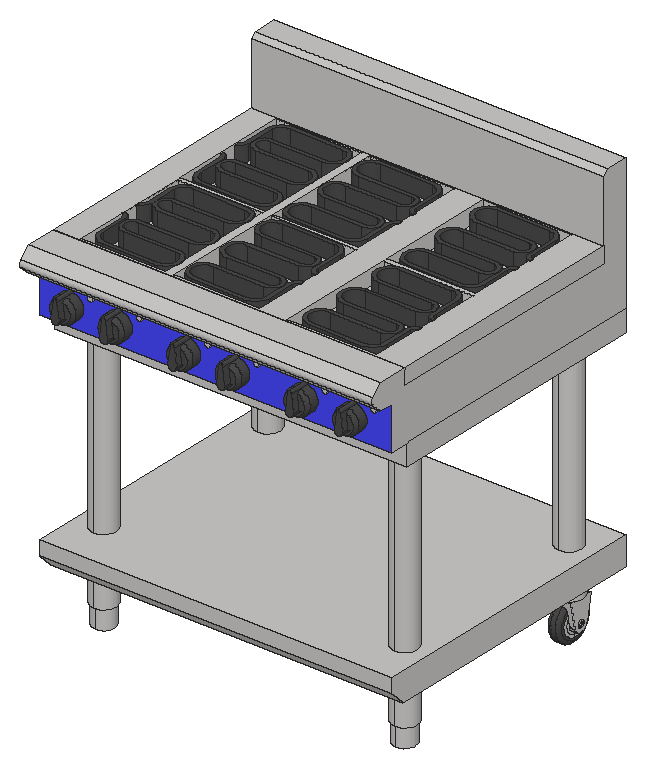
Revit family "QF_MOFFAT_BLUESEAL_CE_E516D-LS", category Specialty Equipment, Revit 2012 (continued)
Definition of nested family "ELECTRIC BURNER 900"
  Forms (mm)
    Extrusion 2, solid, material "QF_Finishes_Black"
      sketch origin (0, 15.7, 0) x (0, -1, 0) y (1, 0, 0)
        loop
          arc (528.207, 512.812) -> (519.162, 515.944) -> (513.588, 523.725) r 15.79
          line (513.588, 523.725) -> (503.282, 523.725)
          arc (503.282, 523.725) -> (511.987, 508.876) -> (528.096, 502.812) r 25.79
          line (528.096, 502.812) -> (599.304, 502.812)
          arc (599.304, 502.812) -> (617.855, 494.266) -> (624.95, 475.112) r 26.722
          line (624.95, 475.112) -> (624.95, 342.512)
          arc (624.95, 342.512) -> (597.25, 314.812) -> (569.55, 342.512) r 27.7
          line (569.55, 342.512) -> (569.55, 473.862)
          arc (569.55, 473.862) -> (541.85, 501.562) -> (514.15, 473.862) r 27.7
          line (514.15, 473.862) -> (514.15, 342.512)
          arc (514.15, 342.512) -> (486.45, 314.812) -> (458.75, 342.512) r 27.7
          line (458.75, 342.512) -> (458.75, 473.862)
          arc (458.75, 473.862) -> (431.05, 501.562) -> (403.35, 473.862) r 27.7
          line (403.35, 473.862) -> (403.35, 342.512)
          arc (403.35, 342.512) -> (375.65, 314.812) -> (347.95, 342.512) r 27.7
          line (347.95, 342.512) -> (347.95, 475.112)
          arc (347.95, 475.112) -> (355.045, 494.266) -> (373.596, 502.812) r 26.722
          line (373.596, 502.812) -> (444.804, 502.812)
          arc (444.804, 502.812) -> (460.695, 508.688) -> (469.581, 523.112) r 25.973
        loop
          line (156.993, 823.112) -> (146.6, 823.112)
          arc (146.6, 823.112) -> (140.976, 815.752) -> (132.193, 812.812) r 15.79
          line (132.193, 812.812) -> (60.914, 812.812)
          arc (60.914, 812.812) -> (35.349, 801.211) -> (25.45, 774.94) r 36.722
          line (25.45, 774.94) -> (25.45, 642.512)
          arc (25.45, 642.512) -> (63.15, 604.812) -> (100.85, 642.512) r 37.7
          line (100.85, 642.512) -> (100.85, 775.112)
          arc (100.85, 775.112) -> (118.55, 792.812) -> (136.25, 775.112) r 17.7
          line (136.25, 775.112) -> (136.25, 642.512)
          arc (136.25, 642.512) -> (173.95, 604.812) -> (211.65, 642.512) r 37.7
          line (211.65, 642.512) -> (211.65, 775.112)
          arc (211.65, 775.112) -> (229.35, 792.812) -> (247.05, 775.112) r 17.7
          line (247.05, 775.112) -> (247.05, 642.512)
          arc (247.05, 642.512) -> (284.75, 604.812) -> (322.45, 642.512) r 37.7
          line (322.45, 642.512) -> (322.45, 774.94)
          arc (322.45, 774.94) -> (312.551, 801.211) -> (286.986, 812.812) r 36.722
          line (286.986, 812.812) -> (215.719, 812.812)
          arc (215.719, 812.812) -> (206.91, 815.761) -> (201.232, 823.112) r 15.973
          line (201.232, 823.112) -> (190.819, 823.112)
          arc (190.819, 823.112) -> (199.705, 808.688) -> (215.596, 802.812) r 25.973
          line (215.596, 802.812) -> (286.804, 802.812)
          arc (286.804, 802.812) -> (305.355, 794.266) -> (312.45, 775.112) r 26.722
          line (312.45, 775.112) -> (312.45, 642.512)
          arc (312.45, 642.512) -> (284.75, 614.812) -> (257.05, 642.512) r 27.7
          line (257.05, 642.512) -> (257.05, 774.487)
          arc (257.05, 774.487) -> (229.35, 802.187) -> (201.65, 774.487) r 27.7
          line (201.65, 774.487) -> (201.65, 642.512)
          arc (201.65, 642.512) -> (173.95, 614.812) -> (146.25, 642.512) r 27.7
          line (146.25, 642.512) -> (146.25, 774.956)
          arc (146.25, 774.956) -> (118.55, 802.656) -> (90.85, 774.956) r 27.7
          line (90.85, 774.956) -> (90.85, 642.512)
          arc (90.85, 642.512) -> (63.15, 614.812) -> (35.45, 642.512) r 27.7
          line (35.45, 642.512) -> (35.45, 775.112)
          arc (35.45, 775.112) -> (42.545, 794.266) -> (61.096, 802.812) r 26.722
          line (61.096, 802.812) -> (132.304, 802.812)
          arc (132.304, 802.812) -> (148.172, 808.677) -> (156.993, 823.112) r 25.79
        loop
          line (469.581, 823.112) -> (459.168, 823.112)
          arc (459.168, 823.112) -> (453.49, 815.761) -> (444.681, 812.812) r 15.973
          line (444.681, 812.812) -> (373.414, 812.812)
          arc (373.414, 812.812) -> (347.849, 801.211) -> (337.95, 774.94) r 36.722
          line (337.95, 774.94) -> (337.95, 642.512)
          arc (337.95, 642.512) -> (375.65, 604.812) -> (413.35, 642.512) r 37.7
          line (413.35, 642.512) -> (413.35, 775.112)
          arc (413.35, 775.112) -> (431.05, 792.812) -> (448.75, 775.112) r 17.7
          line (448.75, 775.112) -> (448.75, 642.512)
          arc (448.75, 642.512) -> (486.45, 604.812) -> (524.15, 642.512) r 37.7
          line (524.15, 642.512) -> (524.15, 775.112)
          arc (524.15, 775.112) -> (541.85, 792.812) -> (559.55, 775.112) r 17.7
          line (559.55, 775.112) -> (559.55, 642.512)
          arc (559.55, 642.512) -> (597.25, 604.812) -> (634.95, 642.512) r 37.7
          line (634.95, 642.512) -> (634.95, 774.94)
          arc (634.95, 774.94) -> (625.051, 801.211) -> (599.486, 812.812) r 36.722
          line (599.486, 812.812) -> (528.207, 812.812)
          arc (528.207, 812.812) -> (519.162, 815.944) -> (513.588, 823.725) r 15.79
          line (513.588, 823.725) -> (503.282, 823.725)
          arc (503.282, 823.725) -> (511.987, 808.876) -> (528.096, 802.812) r 25.79
          line (528.096, 802.812) -> (599.304, 802.812)
          arc (599.304, 802.812) -> (617.855, 794.266) -> (624.95, 775.112) r 26.722
          line (624.95, 775.112) -> (624.95, 642.512)
          arc (624.95, 642.512) -> (597.25, 614.812) -> (569.55, 642.512) r 27.7
          line (569.55, 642.512) -> (569.55, 773.862)
          arc (569.55, 773.862) -> (541.85, 801.562) -> (514.15, 773.862) r 27.7
          line (514.15, 773.862) -> (514.15, 642.512)
          arc (514.15, 642.512) -> (486.45, 614.812) -> (458.75, 642.512) r 27.7
          line (458.75, 642.512) -> (458.75, 773.862)
          arc (458.75, 773.862) -> (431.05, 801.562) -> (403.35, 773.862) r 27.7
          line (403.35, 773.862) -> (403.35, 642.512)
          arc (403.35, 642.512) -> (375.65, 614.812) -> (347.95, 642.512) r 27.7
          line (347.95, 642.512) -> (347.95, 775.112)
          arc (347.95, 775.112) -> (355.045, 794.266) -> (373.596, 802.812) r 26.722
          line (373.596, 802.812) -> (444.804, 802.812)
          arc (444.804, 802.812) -> (460.695, 808.688) -> (469.581, 823.112) r 25.973
      from 0 to 40
  Lines and regions (mm)
    symbolic lines
      curve 1: line (246.212, -75.15, 0) -> (113.769, -75.15, 0)
      curve 2: arc (113.769, -75.15, 0) -> (86.069, -102.85, 0) -> (113.769, -130.55, 0) r 27.7
      curve 3: line (113.769, -130.55, 0) -> (246.212, -130.55, 0)
      curve 4: arc (246.212, -130.55, 0) -> (273.912, -158.25, 0) -> (246.212, -185.95, 0) r 27.7
      curve 5: line (246.212, -185.95, 0) -> (114.237, -185.95, 0)
      curve 6: arc (114.237, -185.95, 0) -> (86.537, -213.65, 0) -> (114.237, -241.35, 0) r 27.7
      curve 7: line (114.237, -241.35, 0) -> (246.212, -241.35, 0)
      curve 8: arc (246.212, -241.35, 0) -> (273.912, -269.05, 0) -> (246.212, -296.75, 0) r 27.7
      curve 9: line (246.212, -296.75, 0) -> (113.612, -296.75, 0)
      curve 10: arc (113.612, -296.75, 0) -> (94.459, -289.655, 0) -> (85.912, -271.104, 0) r 26.722
      curve 11: line (85.912, -271.104, 0) -> (85.912, -199.896, 0)
      curve 12: arc (85.912, -199.896, 0) -> (80.037, -184.005, 0) -> (65.612, -175.119, 0) r 25.973
      curve 13: line (65.612, -175.119, 0) -> (65.612, -185.532, 0)
      curve 14: arc (65.612, -185.532, 0) -> (72.964, -191.21, 0) -> (75.912, -200.019, 0) r 15.973
      curve 15: line (75.912, -200.019, 0) -> (75.912, -271.286, 0)
      curve 16: arc (75.912, -271.286, 0) -> (87.513, -296.851, 0) -> (113.784, -306.75, 0) r 36.722
      curve 17: line (113.784, -306.75, 0) -> (246.212, -306.75, 0)
      curve 18: arc (246.212, -306.75, 0) -> (283.912, -269.05, 0) -> (246.212, -231.35, 0) r 37.7
      curve 19: line (246.212, -231.35, 0) -> (113.612, -231.35, 0)
      curve 20: arc (113.612, -231.35, 0) -> (95.912, -213.65, 0) -> (113.612, -195.95, 0) r 17.7
      curve 21: line (113.612, -195.95, 0) -> (246.212, -195.95, 0)
      curve 22: arc (246.212, -195.95, 0) -> (283.912, -158.25, 0) -> (246.212, -120.55, 0) r 37.7
      curve 23: line (246.212, -120.55, 0) -> (113.612, -120.55, 0)
      curve 24: arc (113.612, -120.55, 0) -> (95.912, -102.85, 0) -> (113.612, -85.15, 0) r 17.7
      curve 25: line (113.612, -85.15, 0) -> (246.212, -85.15, 0)
      curve 26: arc (246.212, -85.15, 0) -> (283.912, -47.45, 0) -> (246.212, -9.75, 0) r 37.7
      curve 27: line (246.212, -9.75, 0) -> (113.784, -9.75, 0)
      curve 28: arc (113.784, -9.75, 0) -> (87.513, -19.649, 0) -> (75.912, -45.214, 0) r 36.722
      curve 29: line (75.912, -45.214, 0) -> (75.912, -116.493, 0)
      curve 30: arc (75.912, -116.493, 0) -> (72.972, -125.276, 0) -> (65.612, -130.9, 0) r 15.79
      curve 31: line (65.612, -130.9, 0) -> (65.612, -141.293, 0)
      curve 32: arc (65.612, -141.293, 0) -> (80.048, -132.472, 0) -> (85.912, -116.604, 0) r 25.79
      curve 33: line (85.912, -116.604, 0) -> (85.912, -45.396, 0)
      curve 34: arc (85.912, -45.396, 0) -> (94.459, -26.845, 0) -> (113.612, -19.75, 0) r 26.722
      curve 35: line (113.612, -19.75, 0) -> (246.212, -19.75, 0)
      curve 36: arc (246.212, -19.75, 0) -> (273.912, -47.45, 0) -> (246.212, -75.15, 0) r 27.7
      curve 37: line (474.956, -75.15, 0) -> (342.512, -75.15, 0)
      curve 38: arc (342.512, -75.15, 0) -> (314.812, -47.45, 0) -> (342.512, -19.75, 0) r 27.7
      curve 39: line (342.512, -19.75, 0) -> (475.112, -19.75, 0)
      curve 40: arc (475.112, -19.75, 0) -> (494.266, -26.845, 0) -> (502.812, -45.396, 0) r 26.722
      curve 41: line (502.812, -45.396, 0) -> (502.812, -116.604, 0)
      curve 42: arc (502.812, -116.604, 0) -> (508.677, -132.472, 0) -> (523.112, -141.293, 0) r 25.79
      curve 43: line (523.112, -141.293, 0) -> (523.112, -130.9, 0)
      curve 44: arc (523.112, -130.9, 0) -> (515.752, -125.276, 0) -> (512.812, -116.493, 0) r 15.79
      curve 45: line (512.812, -116.493, 0) -> (512.812, -45.214, 0)
      curve 46: arc (512.812, -45.214, 0) -> (501.211, -19.649, 0) -> (474.94, -9.75, 0) r 36.722
      curve 47: line (474.94, -9.75, 0) -> (342.512, -9.75, 0)
      curve 48: arc (342.512, -9.75, 0) -> (304.812, -47.45, 0) -> (342.512, -85.15, 0) r 37.7
      curve 49: line (342.512, -85.15, 0) -> (475.112, -85.15, 0)
      curve 50: arc (475.112, -85.15, 0) -> (492.812, -102.85, 0) -> (475.112, -120.55, 0) r 17.7
      curve 51: line (475.112, -120.55, 0) -> (342.512, -120.55, 0)
      curve 52: arc (342.512, -120.55, 0) -> (304.812, -158.25, 0) -> (342.512, -195.95, 0) r 37.7
      curve 53: line (342.512, -195.95, 0) -> (475.112, -195.95, 0)
      curve 54: arc (475.112, -195.95, 0) -> (492.812, -213.65, 0) -> (475.112, -231.35, 0) r 17.7
      curve 55: line (475.112, -231.35, 0) -> (342.512, -231.35, 0)
      curve 56: arc (342.512, -231.35, 0) -> (304.812, -269.05, 0) -> (342.512, -306.75, 0) r 37.7
      curve 57: line (342.512, -306.75, 0) -> (474.94, -306.75, 0)
      curve 58: arc (474.94, -306.75, 0) -> (501.211, -296.851, 0) -> (512.812, -271.286, 0) r 36.722
      curve 59: line (512.812, -271.286, 0) -> (512.812, -200.019, 0)
      curve 60: arc (512.812, -200.019, 0) -> (515.761, -191.21, 0) -> (523.112, -185.532, 0) r 15.973
      curve 61: line (523.112, -185.532, 0) -> (523.112, -175.119, 0)
      curve 62: arc (523.112, -175.119, 0) -> (508.688, -184.005, 0) -> (502.812, -199.896, 0) r 25.973
      curve 63: line (502.812, -199.896, 0) -> (502.812, -271.104, 0)
      curve 64: arc (502.812, -271.104, 0) -> (494.266, -289.655, 0) -> (475.112, -296.75, 0) r 26.722
      curve 65: line (475.112, -296.75, 0) -> (342.512, -296.75, 0)
      curve 66: arc (342.512, -296.75, 0) -> (314.812, -269.05, 0) -> (342.512, -241.35, 0) r 27.7
      curve 67: line (342.512, -241.35, 0) -> (474.487, -241.35, 0)
      curve 68: arc (474.487, -241.35, 0) -> (502.187, -213.65, 0) -> (474.487, -185.95, 0) r 27.7
      curve 69: line (474.487, -185.95, 0) -> (342.512, -185.95, 0)
      curve 70: arc (342.512, -185.95, 0) -> (314.812, -158.25, 0) -> (342.512, -130.55, 0) r 27.7
      curve 71: line (342.512, -130.55, 0) -> (474.956, -130.55, 0)
      curve 72: arc (474.956, -130.55, 0) -> (502.656, -102.85, 0) -> (474.956, -75.15, 0) r 27.7
      curve 73: line (774.956, -75.15, 0) -> (642.512, -75.15, 0)
      curve 74: arc (642.512, -75.15, 0) -> (614.812, -47.45, 0) -> (642.512, -19.75, 0) r 27.7
      curve 75: line (642.512, -19.75, 0) -> (775.112, -19.75, 0)
      curve 76: arc (775.112, -19.75, 0) -> (794.266, -26.845, 0) -> (802.812, -45.396, 0) r 26.722
      curve 77: line (802.812, -45.396, 0) -> (802.812, -116.604, 0)
      curve 78: arc (802.812, -116.604, 0) -> (808.677, -132.472, 0) -> (823.112, -141.293, 0) r 25.79
      curve 79: line (823.112, -141.293, 0) -> (823.112, -130.9, 0)
      curve 80: arc (823.112, -130.9, 0) -> (815.752, -125.276, 0) -> (812.812, -116.493, 0) r 15.79
      curve 81: line (812.812, -116.493, 0) -> (812.812, -45.214, 0)
      curve 82: arc (812.812, -45.214, 0) -> (801.211, -19.649, 0) -> (774.94, -9.75, 0) r 36.722
      curve 83: line (774.94, -9.75, 0) -> (642.512, -9.75, 0)
      curve 84: arc (642.512, -9.75, 0) -> (604.812, -47.45, 0) -> (642.512, -85.15, 0) r 37.7
      curve 85: line (642.512, -85.15, 0) -> (775.112, -85.15, 0)
      curve 86: arc (775.112, -85.15, 0) -> (792.812, -102.85, 0) -> (775.112, -120.55, 0) r 17.7
      curve 87: line (775.112, -120.55, 0) -> (642.512, -120.55, 0)
      curve 88: arc (642.512, -120.55, 0) -> (604.812, -158.25, 0) -> (642.512, -195.95, 0) r 37.7
      curve 89: line (642.512, -195.95, 0) -> (775.112, -195.95, 0)
      curve 90: arc (775.112, -195.95, 0) -> (792.812, -213.65, 0) -> (775.112, -231.35, 0) r 17.7
      curve 91: line (775.112, -231.35, 0) -> (642.512, -231.35, 0)
      curve 92: arc (642.512, -231.35, 0) -> (604.812, -269.05, 0) -> (642.512, -306.75, 0) r 37.7
      curve 93: line (642.512, -306.75, 0) -> (774.94, -306.75, 0)
      curve 94: arc (774.94, -306.75, 0) -> (801.211, -296.851, 0) -> (812.812, -271.286, 0) r 36.722
      curve 95: line (812.812, -271.286, 0) -> (812.812, -200.019, 0)
      curve 96: arc (812.812, -200.019, 0) -> (815.761, -191.21, 0) -> (823.112, -185.532, 0) r 15.973
      curve 97: line (823.112, -185.532, 0) -> (823.112, -175.119, 0)
      curve 98: arc (823.112, -175.119, 0) -> (808.688, -184.005, 0) -> (802.812, -199.896, 0) r 25.973
      curve 99: line (802.812, -199.896, 0) -> (802.812, -271.104, 0)
      curve 100: arc (802.812, -271.104, 0) -> (794.266, -289.655, 0) -> (775.112, -296.75, 0) r 26.722
      curve 101: line (775.112, -296.75, 0) -> (642.512, -296.75, 0)
      curve 102: arc (642.512, -296.75, 0) -> (614.812, -269.05, 0) -> (642.512, -241.35, 0) r 27.7
      curve 103: line (642.512, -241.35, 0) -> (774.487, -241.35, 0)
      curve 104: arc (774.487, -241.35, 0) -> (802.187, -213.65, 0) -> (774.487, -185.95, 0) r 27.7
      curve 105: line (774.487, -185.95, 0) -> (642.512, -185.95, 0)
      curve 106: arc (642.512, -185.95, 0) -> (614.812, -158.25, 0) -> (642.512, -130.55, 0) r 27.7
      curve 107: line (642.512, -130.55, 0) -> (774.956, -130.55, 0)
      curve 108: arc (774.956, -130.55, 0) -> (802.656, -102.85, 0) -> (774.956, -75.15, 0) r 27.7
      curve 109: line (642.512, -397.65, 0) -> (775.112, -397.65, 0)
      curve 110: arc (775.112, -397.65, 0) -> (792.812, -415.35, 0) -> (775.112, -433.05, 0) r 17.7
      curve 111: line (775.112, -433.05, 0) -> (642.512, -433.05, 0)
      curve 112: arc (642.512, -433.05, 0) -> (604.812, -470.75, 0) -> (642.512, -508.45, 0) r 37.7
      curve 113: line (642.512, -508.45, 0) -> (775.112, -508.45, 0)
      curve 114: arc (775.112, -508.45, 0) -> (792.812, -526.15, 0) -> (775.112, -543.85, 0) r 17.7
      curve 115: line (775.112, -543.85, 0) -> (642.512, -543.85, 0)
      curve 116: arc (642.512, -543.85, 0) -> (604.812, -581.55, 0) -> (642.512, -619.25, 0) r 37.7
      curve 117: line (642.512, -619.25, 0) -> (774.94, -619.25, 0)
      curve 118: arc (774.94, -619.25, 0) -> (801.211, -609.351, 0) -> (812.812, -583.786, 0) r 36.722
      curve 119: line (812.812, -583.786, 0) -> (812.812, -512.507, 0)
      curve 120: arc (812.812, -512.507, 0) -> (815.944, -503.462, 0) -> (823.725, -497.888, 0) r 15.79
      curve 121: line (823.725, -497.888, 0) -> (823.725, -487.582, 0)
      curve 122: arc (823.725, -487.582, 0) -> (808.876, -496.287, 0) -> (802.812, -512.396, 0) r 25.79
      curve 123: line (802.812, -512.396, 0) -> (802.812, -583.604, 0)
      curve 124: arc (802.812, -583.604, 0) -> (794.266, -602.155, 0) -> (775.112, -609.25, 0) r 26.722
      curve 125: line (775.112, -609.25, 0) -> (642.512, -609.25, 0)
      curve 126: arc (642.512, -609.25, 0) -> (614.812, -581.55, 0) -> (642.512, -553.85, 0) r 27.7
      curve 127: line (642.512, -553.85, 0) -> (773.862, -553.85, 0)
      curve 128: arc (773.862, -553.85, 0) -> (801.562, -526.15, 0) -> (773.862, -498.45, 0) r 27.7
      curve 129: line (773.862, -498.45, 0) -> (642.512, -498.45, 0)
      curve 130: arc (642.512, -498.45, 0) -> (614.812, -470.75, 0) -> (642.512, -443.05, 0) r 27.7
      curve 131: line (642.512, -443.05, 0) -> (773.862, -443.05, 0)
      curve 132: arc (773.862, -443.05, 0) -> (801.562, -415.35, 0) -> (773.862, -387.65, 0) r 27.7
      curve 133: line (773.862, -387.65, 0) -> (642.512, -387.65, 0)
      curve 134: arc (642.512, -387.65, 0) -> (614.812, -359.95, 0) -> (642.512, -332.25, 0) r 27.7
      curve 135: line (642.512, -332.25, 0) -> (775.112, -332.25, 0)
      curve 136: arc (775.112, -332.25, 0) -> (794.266, -339.345, 0) -> (802.812, -357.896, 0) r 26.722
      curve 137: line (802.812, -357.896, 0) -> (802.812, -429.104, 0)
      curve 138: arc (802.812, -429.104, 0) -> (808.688, -444.995, 0) -> (823.112, -453.881, 0) r 25.973
      curve 139: line (823.112, -453.881, 0) -> (823.112, -443.468, 0)
      curve 140: arc (823.112, -443.468, 0) -> (815.761, -437.79, 0) -> (812.812, -428.981, 0) r 15.973
      curve 141: line (812.812, -428.981, 0) -> (812.812, -357.714, 0)
      curve 142: arc (812.812, -357.714, 0) -> (801.211, -332.149, 0) -> (774.94, -322.25, 0) r 36.722
      curve 143: line (774.94, -322.25, 0) -> (642.512, -322.25, 0)
      curve 144: arc (642.512, -322.25, 0) -> (604.812, -359.95, 0) -> (642.512, -397.65, 0) r 37.7
      curve 145: line (342.512, -397.65, 0) -> (475.112, -397.65, 0)
      curve 146: arc (475.112, -397.65, 0) -> (492.812, -415.35, 0) -> (475.112, -433.05, 0) r 17.7
      curve 147: line (475.112, -433.05, 0) -> (342.512, -433.05, 0)
      curve 148: arc (342.512, -433.05, 0) -> (304.812, -470.75, 0) -> (342.512, -508.45, 0) r 37.7
      curve 149: line (342.512, -508.45, 0) -> (475.112, -508.45, 0)
      curve 150: arc (475.112, -508.45, 0) -> (492.812, -526.15, 0) -> (475.112, -543.85, 0) r 17.7
      curve 151: line (475.112, -543.85, 0) -> (342.512, -543.85, 0)
      curve 152: arc (342.512, -543.85, 0) -> (304.812, -581.55, 0) -> (342.512, -619.25, 0) r 37.7
      curve 153: line (342.512, -619.25, 0) -> (474.94, -619.25, 0)
      curve 154: arc (474.94, -619.25, 0) -> (501.211, -609.351, 0) -> (512.812, -583.786, 0) r 36.722
      curve 155: line (512.812, -583.786, 0) -> (512.812, -512.507, 0)
      curve 156: arc (512.812, -512.507, 0) -> (515.944, -503.462, 0) -> (523.725, -497.888, 0) r 15.79
      curve 157: line (523.725, -497.888, 0) -> (523.725, -487.582, 0)
      curve 158: arc (523.725, -487.582, 0) -> (508.876, -496.287, 0) -> (502.812, -512.396, 0) r 25.79
      curve 159: line (502.812, -512.396, 0) -> (502.812, -583.604, 0)
      curve 160: arc (502.812, -583.604, 0) -> (494.266, -602.155, 0) -> (475.112, -609.25, 0) r 26.722
      curve 161: line (475.112, -609.25, 0) -> (342.512, -609.25, 0)
      curve 162: arc (342.512, -609.25, 0) -> (314.812, -581.55, 0) -> (342.512, -553.85, 0) r 27.7
      curve 163: line (342.512, -553.85, 0) -> (473.862, -553.85, 0)
      curve 164: arc (473.862, -553.85, 0) -> (501.562, -526.15, 0) -> (473.862, -498.45, 0) r 27.7
      curve 165: line (473.862, -498.45, 0) -> (342.512, -498.45, 0)
      curve 166: arc (342.512, -498.45, 0) -> (314.812, -470.75, 0) -> (342.512, -443.05, 0) r 27.7
      curve 167: line (342.512, -443.05, 0) -> (473.862, -443.05, 0)
      curve 168: arc (473.862, -443.05, 0) -> (501.562, -415.35, 0) -> (473.862, -387.65, 0) r 27.7
      curve 169: line (473.862, -387.65, 0) -> (342.512, -387.65, 0)
      curve 170: arc (342.512, -387.65, 0) -> (314.812, -359.95, 0) -> (342.512, -332.25, 0) r 27.7
      curve 171: line (342.512, -332.25, 0) -> (475.112, -332.25, 0)
      curve 172: arc (475.112, -332.25, 0) -> (494.266, -339.345, 0) -> (502.812, -357.896, 0) r 26.722
      curve 173: line (502.812, -357.896, 0) -> (502.812, -429.104, 0)
      curve 174: arc (502.812, -429.104, 0) -> (508.688, -444.995, 0) -> (523.112, -453.881, 0) r 25.973
      curve 175: line (523.112, -453.881, 0) -> (523.112, -443.468, 0)
      curve 176: arc (523.112, -443.468, 0) -> (515.761, -437.79, 0) -> (512.812, -428.981, 0) r 15.973
      curve 177: line (512.812, -428.981, 0) -> (512.812, -357.714, 0)
      curve 178: arc (512.812, -357.714, 0) -> (501.211, -332.149, 0) -> (474.94, -322.25, 0) r 36.722
      curve 179: line (474.94, -322.25, 0) -> (342.512, -322.25, 0)
      curve 180: arc (342.512, -322.25, 0) -> (304.812, -359.95, 0) -> (342.512, -397.65, 0) r 37.7
      curve 181: line (246.212, -387.65, 0) -> (114.862, -387.65, 0)
      curve 182: arc (114.862, -387.65, 0) -> (87.162, -415.35, 0) -> (114.862, -443.05, 0) r 27.7
      curve 183: line (114.862, -443.05, 0) -> (246.212, -443.05, 0)
      curve 184: arc (246.212, -443.05, 0) -> (273.912, -470.75, 0) -> (246.212, -498.45, 0) r 27.7
      curve 185: line (246.212, -498.45, 0) -> (114.862, -498.45, 0)
      curve 186: arc (114.862, -498.45, 0) -> (87.162, -526.15, 0) -> (114.862, -553.85, 0) r 27.7
      curve 187: line (114.862, -553.85, 0) -> (246.212, -553.85, 0)
      curve 188: arc (246.212, -553.85, 0) -> (273.912, -581.55, 0) -> (246.212, -609.25, 0) r 27.7
      curve 189: line (246.212, -609.25, 0) -> (113.612, -609.25, 0)
      curve 190: arc (113.612, -609.25, 0) -> (94.459, -602.155, 0) -> (85.912, -583.604, 0) r 26.722
      curve 191: line (85.912, -583.604, 0) -> (85.912, -512.396, 0)
      curve 192: arc (85.912, -512.396, 0) -> (79.848, -496.287, 0) -> (65, -487.582, 0) r 25.79
      curve 193: line (65, -487.582, 0) -> (65, -497.888, 0)
      curve 194: arc (65, -497.888, 0) -> (72.781, -503.462, 0) -> (75.912, -512.507, 0) r 15.79
      curve 195: line (75.912, -512.507, 0) -> (75.912, -583.786, 0)
      curve 196: arc (75.912, -583.786, 0) -> (87.513, -609.351, 0) -> (113.784, -619.25, 0) r 36.722
      curve 197: line (113.784, -619.25, 0) -> (246.212, -619.25, 0)
      curve 198: arc (246.212, -619.25, 0) -> (283.912, -581.55, 0) -> (246.212, -543.85, 0) r 37.7
      curve 199: line (246.212, -543.85, 0) -> (113.612, -543.85, 0)
      curve 200: arc (113.612, -543.85, 0) -> (95.912, -526.15, 0) -> (113.612, -508.45, 0) r 17.7
      curve 201: line (113.612, -508.45, 0) -> (246.212, -508.45, 0)
      curve 202: arc (246.212, -508.45, 0) -> (283.912, -470.75, 0) -> (246.212, -433.05, 0) r 37.7
      curve 203: line (246.212, -433.05, 0) -> (113.612, -433.05, 0)
      curve 204: arc (113.612, -433.05, 0) -> (95.912, -415.35, 0) -> (113.612, -397.65, 0) r 17.7
      curve 205: line (113.612, -397.65, 0) -> (246.212, -397.65, 0)
      curve 206: arc (246.212, -397.65, 0) -> (283.912, -359.95, 0) -> (246.212, -322.25, 0) r 37.7
      curve 207: line (246.212, -322.25, 0) -> (113.784, -322.25, 0)
      curve 208: arc (113.784, -322.25, 0) -> (87.513, -332.149, 0) -> (75.912, -357.714, 0) r 36.722
      curve 209: line (75.912, -357.714, 0) -> (75.912, -428.981, 0)
      curve 210: arc (75.912, -428.981, 0) -> (72.964, -437.79, 0) -> (65.612, -443.468, 0) r 15.973
      curve 211: line (65.612, -443.468, 0) -> (65.612, -453.881, 0)
      curve 212: arc (65.612, -453.881, 0) -> (80.037, -444.995, 0) -> (85.912, -429.104, 0) r 25.973
      curve 213: line (85.912, -429.104, 0) -> (85.912, -357.896, 0)
      curve 214: arc (85.912, -357.896, 0) -> (94.459, -339.345, 0) -> (113.612, -332.25, 0) r 26.722
      curve 215: line (113.612, -332.25, 0) -> (246.212, -332.25, 0)
      curve 216: arc (246.212, -332.25, 0) -> (273.912, -359.95, 0) -> (246.212, -387.65, 0) r 27.7
      curve 217: line (0, 0, 0) -> (0, -635, 0)
      curve 218: line (0, -635, 0) -> (900, -635, 0)
      curve 219: line (900, -635, 0) -> (900, 0, 0)
      curve 220: line (900, 0, 0) -> (0, 0, 0)
      curve 221: line (65.8, -312.651, 0) -> (65.8, -5, 0)
      curve 222: line (65.8, -5, 0) -> (284.362, -5, 0)
      curve 223: line (284.362, -5, 0) -> (284.362, -312.651, 0)
      curve 224: line (284.362, -312.651, 0) -> (65.8, -312.651, 0)
      curve 225: line (304.362, -312.651, 0) -> (304.362, -5, 0)
      curve 226: line (304.362, -5, 0) -> (523.112, -5, 0)
      curve 227: line (523.112, -5, 0) -> (523.112, -312.651, 0)
      curve 228: line (523.112, -312.651, 0) -> (304.362, -312.651, 0)
      curve 229: line (594.362, -312.651, 0) -> (594.362, -5, 0)
      curve 230: line (594.362, -5, 0) -> (823.112, -5, 0)
      curve 231: line (823.112, -5, 0) -> (823.112, -312.651, 0)
      curve 232: line (823.112, -312.651, 0) -> (594.362, -312.651, 0)
      curve 233: line (823.112, -320.251, 0) -> (823.112, -630, 0)
      curve 234: line (823.112, -630, 0) -> (594.362, -630, 0)
      curve 235: line (594.362, -630, 0) -> (594.362, -320.251, 0)
      curve 236: line (594.362, -320.251, 0) -> (823.112, -320.251, 0)
      curve 237: line (523.112, -320.251, 0) -> (523.112, -630, 0)
      curve 238: line (523.112, -630, 0) -> (304.362, -630, 0)
      curve 239: line (304.362, -630, 0) -> (304.362, -320.251, 0)
      curve 240: line (304.362, -320.251, 0) -> (523.112, -320.251, 0)
      curve 241: line (284.362, -320.251, 0) -> (284.362, -630, 0)
      curve 242: line (284.362, -630, 0) -> (65.8, -630, 0)
      curve 243: line (65.8, -630, 0) -> (65.8, -320.251, 0)
      curve 244: line (65.8, -320.251, 0) -> (284.362, -320.251, 0)
  Dimensions and locks
    equal spacing: plane 3 "LEFT", plane 7 "Center Y", plane 4 "RIGHT"
    "Width": plane 3 "LEFT" to plane 4 "RIGHT"
    equal spacing: plane 5 "FRONT", plane 8 "Center X", plane 1 "BACK"
    "Depth": plane 5 "FRONT" to plane 1 "BACK"
    aligned and locked: level to plane 2
  Automatic sketch dimensions
    plane 1 "BACK" to Extrusion 1 sketch curve = 0 mm
    Extrusion 1 sketch curve to plane 9 = 0 mm  (x2)
    Extrusion 1 sketch curve to plane 3 "LEFT" = 0 mm
    plane 5 "FRONT" to Extrusion 1 sketch curve = 0 mm
    Extrusion 1 sketch curve to plane 4 "RIGHT" = 0 mm
    plane 1 "BACK" to Extrusion 1 sketch curve = 5 mm  (x3)
    plane 8 "Center X" to Extrusion 1 sketch curve = 4.849 mm  (x3)
    Extrusion 1 sketch curve to plane 8 "Center X" = 2.751 mm  (x3)
    Extrusion 1 sketch curve to plane 5 "FRONT" = 5 mm  (x3)
    Extrusion 1 sketch curve to plane 7 "Center Y" = 165.638 mm
    Extrusion 1 sketch curve to Extrusion 1 sketch curve = 0 mm  (x3)
    Extrusion 1 sketch curve to Extrusion 1 sketch curve = 20 mm
    plane 7 "Center Y" to Extrusion 1 sketch curve = 73.112 mm  (x2)
    Extrusion 1 sketch curve to Extrusion 1 sketch curve = 71.25 mm  (x2)
    plane 4 "RIGHT" to Extrusion 1 sketch curve = 76.888 mm
    Extrusion 2 sketch curve to Extrusion 2 sketch curve = 0 mm  (x110)
    plane 1 "BACK" to Extrusion 2 sketch curve = 9.75 mm  (x3)
    Extrusion 2 sketch curve to Extrusion 2 sketch curve = 10 mm  (x6)
    plane 1 "BACK" to Extrusion 2 sketch curve = 45.214 mm  (x3)
    Extrusion 2 sketch curve to Extrusion 2 sketch curve = 0.182 mm  (x12)
    Extrusion 2 sketch curve to Extrusion 2 sketch curve = 26.704 mm  (x11)
    Extrusion 2 sketch curve to Extrusion 2 sketch curve = 27.7 mm  (x20)
    Extrusion 2 sketch curve to Extrusion 2 sketch curve = 17.7 mm  (x12)
    Extrusion 2 sketch curve to Extrusion 2 sketch curve = 4.457 mm  (x3)
    Extrusion 2 sketch curve to Extrusion 2 sketch curve = 0.4 mm  (x5)
    Extrusion 2 sketch curve to Extrusion 2 sketch curve = 0.111 mm  (x6)
    Extrusion 2 sketch curve to Extrusion 2 sketch curve = 14.806 mm  (x3)
    Extrusion 2 sketch curve to Extrusion 2 sketch curve = 10.393 mm  (x3)
    Extrusion 2 sketch curve to Extrusion 2 sketch curve = 33.826 mm  (x3)
    Extrusion 2 sketch curve to Extrusion 2 sketch curve = 10.413 mm  (x6)
    Extrusion 2 sketch curve to Extrusion 2 sketch curve = 14.364 mm  (x3)
    Extrusion 2 sketch curve to Extrusion 2 sketch curve = 0.123 mm  (x6)
    Extrusion 2 sketch curve to Extrusion 2 sketch curve = 14.934 mm  (x4)
    Extrusion 2 sketch curve to Extrusion 2 sketch curve = 0.447 mm  (x5)
    Extrusion 2 sketch curve to Extrusion 2 sketch curve = 1.058 mm  (x7)
    Extrusion 2 sketch curve to plane 8 "Center X" = 4.75 mm  (x3)
    Extrusion 2 sketch curve to plane 8 "Center X" = 40.214 mm  (x3)
    Extrusion 2 sketch curve to Extrusion 2 sketch curve = 4.516 mm  (x3)
    Extrusion 2 sketch curve to Extrusion 2 sketch curve = 33.7 mm  (x3)
    Extrusion 2 sketch curve to Extrusion 2 sketch curve = 10.306 mm  (x3)
    Extrusion 2 sketch curve to Extrusion 2 sketch curve = 14.508 mm  (x3)
    Extrusion 2 sketch curve to Extrusion 2 sketch curve = 15.019 mm
    plane 3 "LEFT" to Extrusion 2 sketch curve = 59.946 mm  (x2)
    plane 3 "LEFT" to Extrusion 2 sketch curve = 60.128 mm  (x2)
    Extrusion 2 sketch curve to Extrusion 2 sketch curve = 4.872 mm
    Extrusion 2 sketch curve to Extrusion 2 sketch curve = 5.484 mm
    Extrusion 2 sketch curve to Extrusion 2 sketch curve = 5.667 mm  (x2)
    Extrusion 2 sketch curve to Extrusion 2 sketch curve = 26.701 mm  (x4)
    Extrusion 2 sketch curve to Extrusion 2 sketch curve = 0.999 mm  (x6)
    Extrusion 2 sketch curve to Extrusion 2 sketch curve = 0.156 mm  (x3)
    Extrusion 2 sketch curve to Extrusion 2 sketch curve = 0.625 mm  (x3)
    Extrusion 2 sketch curve to Extrusion 2 sketch curve = 1.25 mm  (x6)
    Extrusion 2 sketch curve to Extrusion 2 sketch curve = 132.428 mm
    Extrusion 2 sketch curve to Extrusion 2 sketch curve = 132.6 mm
    Extrusion 2 sketch curve to Extrusion 2 sketch curve = 96.3 mm  (x3)
    plane 7 "Center Y" to Extrusion 2 sketch curve = 23.862 mm  (x2)
    plane 7 "Center Y" to Extrusion 2 sketch curve = 24.487 mm
    plane 7 "Center Y" to Extrusion 2 sketch curve = 24.94 mm  (x3)
    plane 7 "Center Y" to Extrusion 2 sketch curve = 24.956 mm
    Extrusion 2 sketch curve to Extrusion 2 sketch curve = 0.172 mm  (x8)
    plane 7 "Center Y" to Extrusion 2 sketch curve = 26.111 mm  (x4)
    Extrusion 2 sketch curve to Extrusion 2 sketch curve = 129.7 mm  (x2)
    plane 4 "RIGHT" to Extrusion 2 sketch curve = 126.138 mm
    plane 4 "RIGHT" to Extrusion 2 sketch curve = 125.513 mm
    Extrusion 2 sketch curve to Extrusion 2 sketch curve = 0.453 mm
    plane 4 "RIGHT" to Extrusion 2 sketch curve = 125.06 mm
    Extrusion 2 sketch curve to Extrusion 2 sketch curve = 1.078 mm
    Extrusion 2 sketch curve to Extrusion 2 sketch curve = 0.016 mm
    curve 4 to curve 22 = 0 mm  (x2)
    curve 8 to curve 18 = 0 mm  (x2)
    curve 10 to curve 16 = 0 mm  (x2)
    curve 12 to curve 14 = 0 mm  (x2)
    curve 26 to curve 36 = 0 mm  (x2)
    curve 28 to curve 34 = 0 mm  (x2)
    curve 30 to curve 32 = 0 mm  (x2)
    plane 3 "LEFT" to curve 14 = 59.946 mm
    plane 3 "LEFT" to curve 32 = 60.128 mm
    curve 12 to curve 14 = 5.667 mm
    curve 30 to curve 32 = 5.484 mm
    curve 30 to curve 30 = 15.784 mm
    plane 8 "Center X" to curve 16 = 46.214 mm
    curve 12 to curve 16 = 15.967 mm
    curve 14 to curve 11 = 10 mm
    curve 29 to curve 32 = 10 mm
    curve 33 to curve 34 = 26.701 mm
    curve 11 to curve 10 = 26.701 mm
    curve 10 to curve 9 = 0.999 mm
    curve 33 to curve 24 = 27.7 mm
    curve 28 to curve 35 = 0.999 mm
    curve 12 to curve 21 = 27.7 mm
    curve 25 to curve 1 = 0.156 mm
    curve 35 to curve 27 = 0.172 mm
    curve 10 to curve 16 = 0.172 mm
    curve 20 to curve 7 = 0.625 mm
    curve 10 to curve 8 = 133.599 mm
    curve 25 to curve 25 = 132.6 mm
    curve 23 to curve 25 = 0 mm
    plane 8 "Center X" to curve 8 = 20.75 mm
    curve 16 to curve 10 = 10 mm
    curve 8 to curve 18 = 27.7 mm
    curve 19 to curve 6 = 17.7 mm
    curve 20 to curve 6 = 0 mm
    curve 12 to curve 20 = 4.516 mm
    curve 12 to curve 14 = 0.447 mm
    curve 14 to curve 12 = 0.123 mm
    curve 4 to curve 4 = 27.7 mm
    curve 12 to curve 32 = 33.826 mm
    curve 32 to curve 31 = 10.393 mm
    curve 30 to curve 33 = 14.296 mm
    curve 23 to curve 2 = 17.7 mm
    curve 24 to curve 2 = 0 mm
    curve 1 to curve 26 = 27.7 mm
    curve 34 to curve 34 = 26.704 mm
    curve 38 to curve 48 = 0 mm  (x2)
    curve 40 to curve 46 = 0 mm  (x2)
    curve 42 to curve 44 = 0 mm  (x2)
    curve 52 to curve 70 = 0 mm  (x2)
    curve 56 to curve 66 = 0 mm  (x2)
    curve 58 to curve 64 = 0 mm  (x2)
    curve 60 to curve 62 = 0 mm  (x2)
    plane 8 "Center X" to curve 66 = 20.75 mm
    curve 8 to curve 66 = 96.3 mm
    curve 36 to curve 37 = 96.3 mm
    curve 53 to curve 56 = 0 mm
    plane 7 "Center Y" to curve 68 = 24.487 mm
    plane 1 "BACK" to curve 47 = 9.75 mm
    plane 7 "Center Y" to curve 47 = 24.94 mm
    plane 7 "Center Y" to curve 58 = 24.94 mm
    plane 7 "Center Y" to curve 72 = 24.956 mm
    curve 67 to curve 54 = 0.625 mm
    curve 71 to curve 51 = 0.156 mm
    curve 47 to curve 39 = 0.172 mm
    curve 57 to curve 65 = 0.172 mm
    plane 7 "Center Y" to curve 58 = 26.111 mm
    plane 7 "Center Y" to curve 40 = 26.111 mm
    curve 40 to curve 40 = 26.701 mm
    curve 53 to curve 62 = 27.7 mm
    curve 40 to curve 46 = 10 mm
    curve 63 to curve 58 = 10 mm
    curve 44 to curve 43 = 10.3 mm
    curve 59 to curve 61 = 10.3 mm
    curve 43 to curve 42 = 5.484 mm
    curve 59 to curve 60 = 15.967 mm
    curve 57 to curve 65 = 10 mm
    curve 64 to curve 58 = 25.464 mm
    curve 65 to curve 56 = 27.7 mm
    curve 55 to curve 68 = 17.7 mm
    curve 68 to curve 54 = 0 mm
    curve 62 to curve 53 = 4.516 mm
    curve 60 to curve 59 = 0.447 mm
    curve 59 to curve 63 = 0.123 mm
    curve 70 to curve 52 = 27.7 mm
    curve 62 to curve 42 = 33.826 mm
    curve 42 to curve 43 = 10.393 mm
    curve 43 to curve 41 = 14.296 mm
    curve 50 to curve 50 = 17.7 mm
    curve 72 to curve 50 = 0 mm
    curve 46 to curve 40 = 26.704 mm
    curve 74 to curve 84 = 0 mm  (x2)
    curve 76 to curve 82 = 0 mm  (x2)
    curve 78 to curve 80 = 0 mm  (x2)
    curve 88 to curve 106 = 0 mm  (x2)
    curve 92 to curve 102 = 0 mm  (x2)
    curve 94 to curve 100 = 0 mm  (x2)
    curve 96 to curve 98 = 0 mm  (x2)
    curve 42 to curve 107 = 113.916 mm
    curve 73 to curve 88 = 0 mm
    curve 103 to curve 89 = 0 mm
    plane 4 "RIGHT" to curve 105 = 125.513 mm
    plane 8 "Center X" to curve 94 = 10.75 mm
    curve 103 to curve 94 = 0.453 mm
    plane 1 "BACK" to curve 82 = 9.75 mm
    plane 4 "RIGHT" to curve 82 = 125.06 mm
    curve 104 to curve 108 = 0.469 mm
    curve 103 to curve 90 = 0.625 mm
    curve 73 to curve 85 = 0.156 mm
    curve 83 to curve 75 = 0.172 mm
    curve 94 to curve 100 = 0.172 mm
    curve 75 to curve 76 = 0.999 mm
    curve 100 to curve 94 = 0.999 mm
    curve 76 to curve 77 = 26.701 mm
    curve 89 to curve 98 = 27.7 mm
    curve 76 to curve 82 = 10 mm
    curve 99 to curve 95 = 10 mm
    curve 80 to curve 78 = 10.3 mm
    curve 95 to curve 96 = 10.3 mm
    curve 79 to curve 78 = 5.484 mm
    curve 97 to curve 98 = 5.667 mm
    curve 93 to curve 102 = 10 mm
    curve 100 to curve 95 = 25.464 mm
    curve 101 to curve 102 = 27.7 mm
    curve 91 to curve 90 = 17.7 mm
    curve 104 to curve 90 = 0 mm
    curve 98 to curve 89 = 4.516 mm
    curve 96 to curve 96 = 0.447 mm
    curve 95 to curve 99 = 0.123 mm
    curve 106 to curve 106 = 27.7 mm
    curve 98 to curve 79 = 33.826 mm
    curve 78 to curve 79 = 10.393 mm
    curve 79 to curve 78 = 14.296 mm
    curve 87 to curve 108 = 17.7 mm
    curve 108 to curve 86 = 0 mm
    curve 76 to curve 75 = 26.704 mm
    curve 112 to curve 130 = 0 mm  (x2)
    curve 116 to curve 126 = 0 mm  (x2)
    curve 118 to curve 124 = 0 mm  (x2)
    curve 120 to curve 122 = 0 mm  (x2)
    curve 134 to curve 144 = 0 mm  (x2)
    curve 136 to curve 142 = 0 mm  (x2)
    curve 138 to curve 140 = 0 mm  (x2)
    curve 144 to curve 92 = 0 mm
    curve 131 to curve 109 = 0 mm
    curve 127 to curve 112 = 0 mm
    plane 4 "RIGHT" to curve 131 = 126.138 mm
    curve 128 to curve 131 = 0 mm
    curve 142 to plane 8 "Center X" = 4.75 mm
    curve 142 to curve 93 = 0 mm
    curve 117 to plane 5 "FRONT" = 15.75 mm
    curve 127 to curve 117 = 1.078 mm
    curve 117 to curve 124 = 0.172 mm
    curve 143 to curve 136 = 0.172 mm
    curve 132 to curve 110 = 1.25 mm
    curve 129 to curve 113 = 1.25 mm
    curve 124 to curve 118 = 0.999 mm
    curve 135 to curve 136 = 0.999 mm
    curve 113 to curve 122 = 27.7 mm
    curve 110 to curve 137 = 27.7 mm
    curve 138 to curve 140 = 10 mm
    curve 122 to curve 120 = 10 mm
    curve 141 to curve 138 = 10.3 mm
    curve 119 to curve 121 = 10.912 mm
    curve 120 to curve 122 = 15.784 mm
    curve 140 to curve 140 = 15.967 mm
    curve 117 to curve 126 = 10 mm
    curve 124 to curve 119 = 25.464 mm
    curve 125 to curve 126 = 27.7 mm
    curve 115 to curve 114 = 17.7 mm
    curve 128 to curve 114 = 0 mm
    curve 120 to curve 113 = 4.457 mm
    curve 120 to curve 120 = 0.4 mm
    curve 119 to curve 123 = 0.111 mm
    curve 129 to curve 112 = 27.7 mm
    curve 121 to curve 139 = 33.7 mm
    curve 138 to curve 139 = 10.413 mm
    curve 139 to curve 137 = 14.364 mm
    curve 111 to curve 132 = 17.7 mm
    curve 132 to curve 110 = 0 mm
    curve 136 to curve 135 = 26.704 mm
    curve 148 to curve 166 = 0 mm  (x2)
    curve 152 to curve 162 = 0 mm  (x2)
    curve 154 to curve 160 = 0 mm  (x2)
    curve 156 to curve 158 = 0 mm  (x2)
    curve 170 to curve 180 = 0 mm  (x2)
    curve 172 to curve 178 = 0 mm  (x2)
    curve 174 to curve 176 = 0 mm  (x2)
    curve 180 to plane 8 "Center X" = 4.75 mm
    curve 180 to curve 56 = 0 mm
    curve 167 to curve 145 = 0 mm
    curve 163 to curve 148 = 0 mm
    plane 7 "Center Y" to curve 167 = 23.862 mm
    plane 7 "Center Y" to curve 163 = 23.862 mm
    plane 7 "Center Y" to curve 154 = 24.94 mm
    curve 178 to curve 57 = 0 mm
    curve 153 to curve 160 = 0.172 mm
    curve 167 to curve 147 = 1.25 mm
    curve 163 to curve 151 = 1.25 mm
    curve 179 to curve 171 = 0.172 mm
    plane 7 "Center Y" to curve 178 = 26.111 mm
    plane 7 "Center Y" to curve 160 = 26.111 mm
    curve 146 to curve 174 = 27.7 mm
    curve 149 to curve 158 = 27.7 mm
    curve 160 to curve 154 = 10 mm
    curve 173 to curve 176 = 10 mm
    curve 176 to curve 175 = 10.3 mm
    curve 155 to curve 156 = 10.912 mm
    curve 155 to curve 158 = 15.784 mm
    curve 175 to curve 174 = 5.667 mm
    curve 152 to plane 5 "FRONT" = 15.75 mm
    curve 153 to curve 161 = 10 mm
    curve 160 to curve 155 = 25.464 mm
    curve 161 to curve 152 = 27.7 mm
    curve 151 to curve 150 = 17.7 mm
    curve 164 to curve 150 = 0 mm
    curve 158 to curve 149 = 4.457 mm
    curve 156 to curve 156 = 0.4 mm
    curve 155 to curve 159 = 0.111 mm
    curve 165 to curve 166 = 27.7 mm
    curve 157 to curve 175 = 33.7 mm
    curve 175 to curve 176 = 10.413 mm
    curve 175 to curve 173 = 14.364 mm
    curve 147 to curve 146 = 17.7 mm
    curve 168 to curve 146 = 0 mm
    curve 172 to curve 171 = 26.704 mm
    curve 184 to curve 202 = 0 mm  (x2)
    curve 188 to curve 198 = 0 mm  (x2)
    curve 190 to curve 196 = 0 mm  (x2)
    curve 192 to curve 194 = 0 mm  (x2)
    curve 206 to curve 216 = 0 mm  (x2)
    curve 208 to curve 214 = 0 mm  (x2)
    curve 210 to curve 212 = 0 mm  (x2)
    plane 3 "LEFT" to curve 212 = 59.946 mm
    plane 3 "LEFT" to curve 194 = 60.128 mm
    curve 192 to curve 193 = 4.872 mm
    curve 210 to curve 210 = 5.667 mm
    curve 192 to curve 195 = 15.784 mm
    curve 210 to curve 210 = 15.967 mm
    curve 209 to curve 213 = 10 mm
    curve 196 to curve 190 = 10 mm
    curve 190 to curve 190 = 26.701 mm
    curve 213 to curve 214 = 26.701 mm
    curve 208 to curve 204 = 0.999 mm
    curve 190 to curve 190 = 0.999 mm
    curve 191 to curve 200 = 27.7 mm
    curve 214 to plane 8 "Center X" = 14.75 mm
    curve 214 to curve 16 = 0.172 mm
    curve 190 to curve 196 = 0.172 mm
    curve 214 to curve 207 = 0.172 mm
    curve 204 to curve 183 = 1.25 mm
    curve 201 to curve 185 = 1.25 mm
    curve 205 to curve 18 = 0 mm
    curve 203 to curve 205 = 0 mm
    curve 199 to curve 201 = 0 mm
    curve 197 to plane 5 "FRONT" = 15.75 mm
    curve 197 to curve 188 = 10 mm
    curve 189 to curve 196 = 25.464 mm
    curve 189 to curve 188 = 27.7 mm
    curve 200 to curve 186 = 17.7 mm
    curve 200 to curve 186 = 0 mm
    curve 192 to curve 200 = 4.457 mm
    curve 192 to curve 194 = 0.4 mm
    curve 194 to curve 191 = 0.111 mm
    curve 184 to curve 202 = 27.7 mm
    curve 193 to curve 212 = 33.7 mm
    curve 212 to curve 211 = 10.413 mm
    curve 210 to curve 213 = 14.364 mm
    curve 203 to curve 204 = 17.7 mm
    curve 204 to curve 182 = 0 mm
    curve 214 to curve 215 = 26.704 mm
    plane 1 "BACK" to curve 220 = 0 mm
    curve 220 to plane 3 "LEFT" = 0 mm
    curve 219 to plane 4 "RIGHT" = 0 mm
    plane 5 "FRONT" to curve 219 = 0 mm
    plane 1 "BACK" to curve 221 = 5 mm
    curve 221 to curve 28 = 10.112 mm
    plane 8 "Center X" to curve 224 = 4.849 mm
    curve 17 to curve 224 = 38.15 mm
    plane 1 "BACK" to curve 226 = 5 mm
    curve 222 to curve 226 = 20 mm
    curve 45 to curve 226 = 10.3 mm
    plane 8 "Center X" to curve 225 = 4.849 mm
    plane 8 "Center X" to curve 232 = 4.849 mm
    curve 232 to curve 92 = 48.15 mm
    curve 94 to curve 232 = 10.3 mm
    plane 1 "BACK" to curve 231 = 5 mm
    curve 234 to plane 5 "FRONT" = 5 mm
    curve 234 to curve 116 = 48.15 mm
    curve 236 to plane 8 "Center X" = 2.751 mm
    curve 236 to curve 231 = 0 mm
    curve 239 to plane 5 "FRONT" = 5 mm
    curve 239 to curve 152 = 38.15 mm
    curve 240 to plane 8 "Center X" = 2.751 mm
    curve 240 to curve 227 = 0 mm
    curve 244 to plane 8 "Center X" = 2.751 mm
    curve 244 to curve 221 = 0 mm
    curve 241 to curve 223 = 0 mm
    curve 242 to plane 5 "FRONT" = 5 mm
